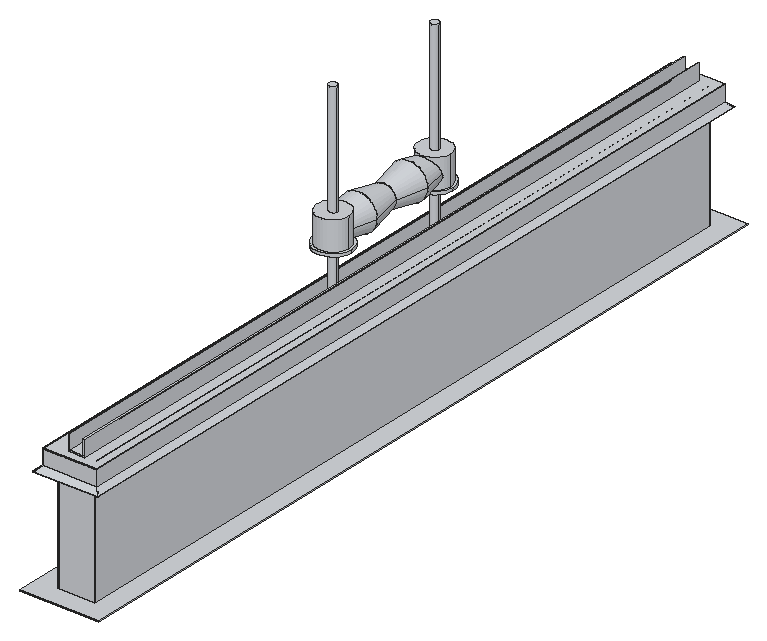
Revit family "UES-Pipe Roller", category Mechanical Equipment, Revit 2015
Parameters
  Width = 0' - 3 1/2"
  URL = "https://unitedenertech.com/catalog/pdf/M_8%20UES-1,%202,%203-PR.pdf"
  Type Comments = "Consult Factory for Max. Sizes"
  Pipe Height (From UES Top to Pipe Center) = 0' - 10"
  Pipe Diameter = 0' - 6"
  Model = "UES-Pipe Roller"
  Manufacturer = "United Enertech Corporation"
  Length = 6' - 0.67726"
  Keynote = "Shown as UES-3, Flat Roof Model. Consult Factory for Other Curb Type and Slope Option Models."
  Height (12" Standard) = 1' - 0"
  Description = "Equipment Support"
  Cap Width [instance] = Width + 0' 1 1/2"  # 0' - 5"
  Cap Length [instance] = Length + 0' 1 1/2"  # 6' - 2.17726"
Reference planes (in)
  plane 1 "Center (Front/Back)": y = 0
  plane 2: z = 0
  plane 3 "Center (Left/Right)": x = 0
  plane 4: x = -1.75
  plane 5: x = 1.75
  plane 6: x = -1.7022
  plane 7: x = 1.7022
  plane 8: x = -3.75
  plane 9: x = 3.75
  plane 10: y = -36.33863
  plane 11: y = -72.67726
  plane 12: y = -72.62946
  plane 13: y = -0.0478
  plane 14: y = 2
  plane 15: y = -74.67726
  plane 16: z = 0.0478
  plane 17: z = 10.4522
  plane 18: z = 10.4044
  plane 19: z = 11.9522
  plane 20: z = 12
  plane 21: z = 13.5
  plane 22: z = 12.125
  plane 23: x = -0.75
  plane 24: x = 0.75
  plane 25: x = -0.625
  plane 26: x = 0.625
  plane 27: y = -33.33863
  plane 28: y = -39.33863
  plane 29: z = 22
  plane 30: z = 19
  plane 31: z = 25
  plane 32: y = -42.33863
  plane 33: y = -30.33863
  plane 34: z = 30
  plane 35: z = 16.375
  plane 36: z = 19.375
  plane 37: z = 16.625
Forms (in)
  Extrusion 1, solid
    sketch origin (0, 0, 0) x (1, 0, 0) y (0, 1, 0)
      loop
        line (-3.75, -74.67726) -> (3.75, -74.67726) -> (3.75, 2) -> (-3.75, 2) -> (-3.75, -74.67726)
    from 0 to 0.0478
  Extrusion 2, solid
    sketch origin (0, 0, 0) x (1, 0, 0) y (0, 0, 1)
      loop
        line (-1.75, 0.0478) -> (-1.7022, 0.0478) -> (-1.7022, 10.4044) -> (1.7022, 10.4044) -> (1.7022, 0.0478) -> (1.75, 0.0478) -> (1.75, 10.4522) -> (-1.75, 10.4522) -> (-1.75, 0.0478)
    from 0.0478 to 72.62946
  Extrusion 3, solid
    sketch origin (0, 0, 0) x (0, 1, 0) y (0, 0, 1)
      loop
        line (0, 0.0478) -> (0, 10.4522) -> (-0.0478, 10.4522) -> (-0.0478, 0.0478) -> (0, 0.0478)
    from -1.75 to 1.75
  Extrusion 4, solid
    sketch origin (0, -48, 0) x (0, -1, 0) y (0, 0, -1)
      loop
        line (24.67726, -0.0478) -> (24.62946, -0.0478) -> (24.62946, -10.4522) -> (24.67726, -10.4522) -> (24.67726, -0.0478)
    from -1.75 to 1.75
  Extrusion 5, solid, material "Wood (Oak)"
    sketch origin (0, 0, 0) x (1, 0, 0) y (0, 0, 1)
      loop
        line (-1.75, 10.4522) -> (1.75, 10.4522) -> (1.75, 11.9522) -> (-1.75, 11.9522) -> (-1.75, 10.4522)
    from 0 to 72.67726
  Extrusion 6, solid
    sketch origin (0, 0, 0) x (1, 0, 0) y (0, 0, 1)
      loop
        line (-0.75, 13.5) -> (-0.75, 12) -> (0.75, 12) -> (0.75, 13.5) -> (0.625, 13.5) -> (0.625, 12.125) -> (-0.625, 12.125) -> (-0.625, 13.5) -> (-0.75, 13.5)
    from 0 to 72.67726
  Extrusion 7, solid
    sketch origin (0, 0, 0) x (1, 0, 0) y (0, 1, 0)
      loop
        circle (0, -42.33863) r 0.375
    from 12 to 30
  Extrusion 8, solid
    sketch origin (0, 0, 0) x (1, 0, 0) y (0, 1, 0)
      loop
        circle (0, -30.33863) r 0.375
    from 12 to 30
  Extrusion 9, solid
    sketch origin (0, 0, 0) x (1, 0, 0) y (0, 1, 0)
      loop
        circle (0, -30.33863) r 1.5
    from 16.625 to 19.375
  Extrusion 10, solid
    sketch origin (0, 0, 0) x (1, 0, 0) y (0, 1, 0)
      loop
        circle (0, -30.33863) r 1.75
    from 16.625 to 16.375
  Extrusion 11, solid
    sketch origin (0, 0, 0) x (1, 0, 0) y (0, 1, 0)
      loop
        circle (0, -42.33863) r 1.5
    from 16.625 to 19.375
  Extrusion 12, solid
    sketch origin (0, 0, 0) x (1, 0, 0) y (0, 1, 0)
      loop
        circle (0, -42.33863) r 1.75
    from 16.625 to 16.375
  Blend 13, solid
    base sketch origin (0, 0, 0) x (1, 0, 0) y (0, 0, 1)
      loop
        circle (0, 17.875) r 1.125
    top sketch origin (0, 0, 0) x (1, 0, 0) y (0, 0, 1)
      loop
        circle (0, 17.875) r 1.75
    from 36.33863 to 33.33863
  Blend 14, solid
    base sketch origin (0, 0, 0) x (1, 0, 0) y (0, 0, 1)
      loop
        circle (0, 17.875) r 1.125
    top sketch origin (0, 0, 0) x (1, 0, 0) y (0, 0, 1)
      loop
        circle (0, 17.875) r 1.75
    from 36.33863 to 39.33863
  Blend 15, solid
    base sketch origin (0, 0, 0) x (1, 0, 0) y (0, 0, 1)
      loop
        circle (0, 17.875) r 1.125
    top sketch origin (0, 0, 0) x (1, 0, 0) y (0, 0, 1)
      loop
        circle (0, 17.875) r 1.75
    from 30.33863 to 33.33863
  Blend 16, solid
    base sketch origin (0, 0, 0) x (1, 0, 0) y (0, 0, 1)
      loop
        circle (0, 17.875) r 1.125
    top sketch origin (0, 0, 0) x (1, 0, 0) y (0, 0, 1)
      loop
        circle (0, 17.875) r 1.75
    from 42.33863 to 39.33863
Dimensions and locks (in)
  equal spacing: plane 4, plane 3 "Center (Left/Right)", plane 5
  "Width": plane 4 to plane 5
  locked: plane 4 to plane 6 at 0.0478
  locked: plane 7 to plane 5 at 0.0478
  locked: plane 8 to plane 4 at 2
  locked: plane 5 to plane 9 at 2
  equal spacing: plane 1 "Center (Front/Back)", plane 10, plane 11
  "Length": plane 1 "Center (Front/Back)" to plane 11
  locked: plane 12 to plane 11 at 0.0478
  locked: plane 1 "Center (Front/Back)" to plane 13 at 0.0478
  locked: plane 1 "Center (Front/Back)" to plane 14 at 2
  locked: plane 15 to plane 11 at 2
  locked: plane 16 to level at 0.0478
  plane 17 to plane 18 = 0' - 0.0478"
  locked: plane 19 to plane 17 at 1.5
  locked: plane 20 to plane 19 at 0.0478
  "Height (12" Standard)": plane 20 to level
  locked: plane 21 to plane 20 at 1.5
  locked: plane 22 to plane 20 at 0.125
  equal spacing: plane 23, plane 3 "Center (Left/Right)", plane 24
  locked: plane 23 to plane 24 at 1.5
  locked: plane 23 to plane 25 at 0.125
  locked: plane 24 to plane 26 at 0.125
  equal spacing: plane 27, plane 10, plane 28
  "Pipe Diameter": plane 27 to plane 28
  equal spacing: plane 31, plane 29, plane 30
  "Pipe Diameter": plane 31 to plane 30
  "Pipe Height (From UES Top to Pipe Center)": plane 29 to plane 20
  locked: plane 28 to plane 32 at 3
  locked: plane 33 to plane 27 at 3
  locked: plane 34 to plane 20 at 18
  locked: plane 35 to plane 37 at 0.25
  locked: plane 37 to plane 36 at 2.75
  locked: plane 30 to plane 36 at 0.375
  aligned and locked: level to plane 2
  aligned and locked: plane 14 to Extrusion 1 sketch curve
  aligned and locked: Extrusion 1 sketch curve to plane 8
  aligned and locked: Extrusion 1 sketch curve to plane 9
  aligned and locked: plane 15 to Extrusion 1 sketch curve
  aligned and locked: plane 16 to Extrusion 1
  aligned and locked: Extrusion 1 to level
  aligned and locked: plane 17 to Extrusion 2 sketch curve
  aligned and locked: Extrusion 2 sketch curve to plane 18
  aligned and locked: Extrusion 2 sketch curve to plane 4
  aligned and locked: Extrusion 2 sketch curve to plane 16  (x2)
  aligned and locked: plane 6 to Extrusion 2 sketch curve
  aligned and locked: Extrusion 2 sketch curve to plane 7
  aligned and locked: plane 5 to Extrusion 2 sketch curve
  aligned and locked: Extrusion 3 sketch curve to plane 1 "Center (Front/Back)"
  aligned and locked: plane 17 to Extrusion 3 sketch curve
  aligned and locked: Extrusion 3 sketch curve to plane 13
  aligned and locked: Extrusion 3 sketch curve to plane 16
  aligned and locked: Extrusion 4 sketch curve to plane 17
  aligned and locked: Extrusion 4 sketch curve to plane 12
  aligned and locked: plane 11 to Extrusion 4 sketch curve
  aligned and locked: plane 16 to Extrusion 4 sketch curve
  aligned and locked: plane 4 to Extrusion 4
  aligned and locked: Extrusion 4 to plane 5
  aligned and locked: Extrusion 3 to plane 4
  aligned and locked: plane 5 to Extrusion 3
  aligned and locked: plane 13 to Extrusion 2
  aligned and locked: Extrusion 2 to plane 12
  aligned and locked: plane 19 to Extrusion 5 sketch curve
  aligned and locked: Extrusion 5 sketch curve to plane 4
  aligned and locked: plane 5 to Extrusion 5 sketch curve
  aligned and locked: Extrusion 5 sketch curve to plane 17
  aligned and locked: Extrusion 5 to plane 1 "Center (Front/Back)"
  aligned and locked: Extrusion 5 to plane 11
  aligned and locked: nested 1 to plane 10
  aligned and locked: nested 1 to plane 3 "Center (Left/Right)"
  aligned and locked: plane 20 to nested 1
  aligned and locked: plane 23 to Extrusion 6 sketch curve
  aligned and locked: plane 21 to Extrusion 6 sketch curve  (x2)
  aligned and locked: Extrusion 6 sketch curve to plane 24
  aligned and locked: Extrusion 6 sketch curve to plane 20
  aligned and locked: plane 22 to Extrusion 6 sketch curve
  aligned and locked: Extrusion 6 sketch curve to plane 25
  aligned and locked: Extrusion 6 sketch curve to plane 26
  aligned and locked: Extrusion 6 to plane 1 "Center (Front/Back)"
  aligned and locked: Extrusion 6 to plane 11
  aligned and locked: Extrusion 8 to plane 20
  aligned and locked: Extrusion 7 to plane 20
  aligned and locked: plane 34 to Extrusion 8
  aligned and locked: plane 34 to Extrusion 7
  aligned and locked: plane 35 to Extrusion 10
  aligned and locked: Extrusion 10 to plane 37
  aligned and locked: plane 37 to Extrusion 9
  aligned and locked: Extrusion 9 to plane 36
  aligned and locked: Extrusion 11 to plane 36
  aligned and locked: plane 37 to Extrusion 11
  aligned and locked: Extrusion 12 to plane 37
  aligned and locked: plane 35 to Extrusion 12
  aligned and locked: Blend 13 to plane 10
  aligned and locked: plane 27 to Blend 13
  aligned and locked: Blend 14 to plane 28
  aligned and locked: plane 10 to Blend 14
  aligned and locked: plane 33 to Blend 15
  aligned and locked: Blend 15 to plane 27
  aligned and locked: plane 32 to Blend 16
  aligned and locked: plane 28 to Blend 16
Automatic sketch dimensions
  Extrusion 7 sketch curve to plane 3 "Center (Left/Right)" = 0' - 0"
  plane 32 to Extrusion 7 sketch curve = 0' - 0"
  Extrusion 8 sketch curve to plane 3 "Center (Left/Right)" = 0' - 0"
  Extrusion 8 sketch curve to plane 33 = 0' - 0"
  Extrusion 9 sketch curve to plane 3 "Center (Left/Right)" = 0' - 0"
  Extrusion 9 sketch curve to plane 33 = 0' - 0"
  Extrusion 10 sketch curve to plane 3 "Center (Left/Right)" = 0' - 0"
  Extrusion 10 sketch curve to plane 33 = 0' - 0"
  Extrusion 11 sketch curve to plane 3 "Center (Left/Right)" = 0' - 0"
  plane 32 to Extrusion 11 sketch curve = 0' - 0"
  Extrusion 12 sketch curve to plane 3 "Center (Left/Right)" = 0' - 0"
  plane 32 to Extrusion 12 sketch curve = 0' - 0"
  Blend 13 sketch curve to plane 3 "Center (Left/Right)" = 0' - 0"  (x2)
  Blend 13 sketch curve to plane 30 = 0' - 1 1/8"  (x2)
  Blend 14 sketch curve to plane 3 "Center (Left/Right)" = 0' - 0"  (x2)
  Blend 14 sketch curve to plane 30 = 0' - 1 1/8"  (x2)
  Blend 15 sketch curve to plane 3 "Center (Left/Right)" = 0' - 0"  (x2)
  Blend 15 sketch curve to plane 30 = 0' - 1 1/8"  (x2)
  Blend 16 sketch curve to plane 3 "Center (Left/Right)" = 0' - 0"  (x2)
  Blend 16 sketch curve to plane 30 = 0' - 1 1/8"  (x2)
  radius of Extrusion 7 sketch curve = 0' - 0 3/8"
  radius of Extrusion 8 sketch curve = 0' - 0 3/8"
  radius of Extrusion 9 sketch curve = 0' - 1 1/2"
  radius of Extrusion 10 sketch curve = 0' - 1 3/4"
  radius of Extrusion 11 sketch curve = 0' - 1 1/2"
  radius of Extrusion 12 sketch curve = 0' - 1 3/4"
  radius of Blend 13 sketch curve = 0' - 1 1/8"
  radius of Blend 13 sketch curve = 0' - 1 3/4"
  radius of Blend 14 sketch curve = 0' - 1 1/8"
  radius of Blend 14 sketch curve = 0' - 1 3/4"
  radius of Blend 15 sketch curve = 0' - 1 1/8"
  radius of Blend 15 sketch curve = 0' - 1 3/4"
  radius of Blend 16 sketch curve = 0' - 1 1/8"
  radius of Blend 16 sketch curve = 0' - 1 3/4"
Nested families (in)
  nested 1: "Rail Cap" at (0, -36.33863, 10), type "Rail Cap"
    with B Side Base I.D. 6' - 2.17726", A Side Base I.D. 0' - 5"
Definition of nested family "Rail Cap"
  Parameters (values of type "Rail Cap")
    URL = ""
    Type Comments = ""
    Model = ""
    Manufacturer = ""
    Description = ""
    B Side Base I.D. = 3' - 0"
    A Side Base I.D. = 3' - 0"
  Reference planes (in)
    plane 1 "Center (Front/Back)": y = 0
    plane 2: z = 0
    plane 3 "Center (Left/Right)": x = 0
    plane 4: x = -18
    plane 5: x = 18
    plane 6: y = -18
    plane 7: y = 18
    plane 8: x = -18.0478
    plane 9: y = -18.0478
    plane 10: x = 18.0478
    plane 11: y = 18.0478
    plane 12: z = 2
    plane 13: z = 0.5
    plane 14: z = 1.9522
    plane 15: x = -18.5478
    plane 16: y = -18.5478
    plane 17: x = 18.5478
    plane 18: y = 18.5478
    plane 19: z = 1.5772
    plane 20: y = 19.0478
    plane 21: y = -19.0478
    plane 22: x = -19.0478
    plane 23: x = 19.0478
  Forms (in)
    Extrusion 1, solid
      sketch origin (0, 0, 0) x (1, 0, 0) y (0, 0, 1)
        loop
          line (-18.54622, 0.00144) -> (-18, 0.5) -> (-18, 1.9522) -> (-18.0478, 1.9522) -> (-18.0478, 0.51984) -> (-18.5794, 0.03462) -> (-18.54622, 0.00144)
      from -18.5478 to 18.5478
    Extrusion 2, solid
      sketch origin (0, 0, 0) x (-1, 0, 0) y (0, 0, -1)
        loop
          line (-18.54622, -0.00144) -> (-18.5794, -0.03462) -> (-18.0478, -0.51984) -> (-18.0478, -1.9522) -> (-18, -1.9522) -> (-18, -0.5) -> (-18.54622, -0.00144)
      from -18.5478 to 18.5478
    Extrusion 3, solid
      sketch origin (0, 0, 0) x (0, 1, 0) y (0, 0, 1)
        loop
          line (-18, 1.9522) -> (-18.0478, 1.9522) -> (-18.0478, 0.51988) -> (-18.58098, 0.03462) -> (-18.5478, 0.00144) -> (-18, 0.5) -> (-18, 1.9522)
      from -18.5478 to 18.5478
    Extrusion 4, solid
      sketch origin (0, 0, 0) x (0, -1, 0) y (0, 0, -1)
        loop
          line (-18, -1.9522) -> (-18, -0.5) -> (-18.5478, -0.00144) -> (-18.58098, -0.03462) -> (-18.0478, -0.51988) -> (-18.0478, -1.9522) -> (-18, -1.9522)
      from -18.5478 to 18.5478
    Extrusion 5, void
      sketch origin (-93.15685, -31.93875, 0) x (1, 0, 0) y (0, 1, 0)
        loop
          line (106.5478, 18.5478) -> (112.20465, 12.89095) -> (112.20465, 18.5478) -> (106.5478, 18.5478)
      from -1.29054 to 3.19849
    Extrusion 6, void
      sketch origin (-125.5956, 0.5, 0) x (1, 0, 0) y (0, 1, 0)
        loop
          line (106.5478, 18.5478) -> (112.20465, 12.89095) -> (112.20465, 18.5478) -> (106.5478, 18.5478)
      from -3.18066 to 4.14355
    Extrusion 7, void
      sketch origin (-109.38054, -28.0092, 0) x (1, 0, 0) y (0, 1, 0)
        loop
          line (117.42834, 19.9614) -> (117.42834, 8.9614) -> (128.42834, 8.9614) -> (117.42834, 19.9614)
      from -1.13303 to 3.27725
    Extrusion 8, void
      sketch origin (-136.47614, -0.9136, 0) x (1, 0, 0) y (0, 1, 0)
        loop
          line (117.42834, 19.9614) -> (117.42834, 8.9614) -> (128.42834, 8.9614) -> (117.42834, 19.9614)
      from -1.68432 to 3.74977
    Extrusion 9, void
      sketch origin (-121.30312, -30.02453, 0) x (1, 0, 0) y (0, 1, 0)
        loop
          line (109.32639, 18.0478) -> (102.25532, 18.0478) -> (102.25532, 10.97673) -> (109.32639, 18.0478)
      from -1.13303 to 3.59226
    Extrusion 10, void
      sketch origin (-90.27859, 1, 0) x (1, 0, 0) y (0, 1, 0)
        loop
          line (109.32639, 18.0478) -> (102.25532, 18.0478) -> (102.25532, 10.97673) -> (109.32639, 18.0478)
      from -1.44805 to 3.51351
    Extrusion 11, void
      sketch origin (-116.53283, -32.26123, 0) x (1, 0, 0) y (0, 1, 0)
        loop
          line (105.97031, 21.69871) -> (97.48503, 13.21343) -> (105.97031, 13.21343) -> (105.97031, 21.69871)
      from -1.3693 to 3.82853
    Extrusion 12, void
      sketch origin (-86.92251, -2.65091, 0) x (1, 0, 0) y (0, 1, 0)
        loop
          line (105.97031, 21.69871) -> (97.48503, 13.21343) -> (105.97031, 13.21343) -> (105.97031, 21.69871)
      from -0.97552 to 3.04098
    Extrusion 13, solid
      sketch origin (0, 0, 0) x (1, 0, 0) y (0, 1, 0)
        loop
          line (-18.0478, -18.0478) -> (18.0478, -18.0478) -> (18.0478, 18.0478) -> (-18.0478, 18.0478) -> (-18.0478, -18.0478)
      from 1.9522 to 2
  Cuts and joins
    Extrusion 6, Extrusion 11 cuts Extrusion 1
    Extrusion 5, Extrusion 9 cuts Extrusion 3
    Extrusion 8, Extrusion 12 cuts Extrusion 4
    Extrusion 7, Extrusion 10 cuts Extrusion 2
  Dimensions and locks (in)
    equal spacing: plane 4, plane 3 "Center (Left/Right)", plane 5
    "A Side Base I.D.": plane 4 to plane 5
    equal spacing: plane 7, plane 1 "Center (Front/Back)", plane 6
    "B Side Base I.D.": plane 7 to plane 6
    locked: plane 6 to plane 9 at 0.0478
    locked: plane 11 to plane 7 at 0.0478
    locked: plane 8 to plane 4 at 0.0478
    locked: plane 5 to plane 10 at 0.0478
    locked: plane 12 to level at 2
    locked: plane 13 to level at 0.5
    locked: plane 12 to plane 14 at 0.0478
    locked: plane 9 to plane 16 at 0.5
    locked: plane 15 to plane 8 at 0.5
    locked: plane 11 to plane 18 at 0.5
    locked: plane 10 to plane 17 at 0.5
    locked: plane 14 to plane 19 at 0.375
    locked: plane 18 to plane 20 at 0.5
    locked: plane 21 to plane 16 at 0.5
    locked: plane 22 to plane 15 at 0.5
    locked: plane 17 to plane 23 at 0.5
    locked: Extrusion 5 sketch curve to Extrusion 5 sketch curve (angle 45.00°)  (x2)
    locked: Extrusion 6 sketch curve to Extrusion 6 sketch curve (angle 45.00°)  (x2)
    locked: Extrusion 7 sketch curve to Extrusion 7 sketch curve (angle 45.00°)  (x2)
    locked: Extrusion 8 sketch curve to Extrusion 8 sketch curve (angle 45.00°)  (x2)
    locked: Extrusion 9 sketch curve to Extrusion 9 sketch curve (angle 45.00°)  (x2)
    locked: Extrusion 10 sketch curve to Extrusion 10 sketch curve (angle 45.00°)  (x2)
    locked: Extrusion 11 sketch curve to Extrusion 11 sketch curve (angle 45.00°)  (x2)
    locked: Extrusion 12 sketch curve to Extrusion 12 sketch curve (angle 45.00°)  (x2)
    aligned and locked: level to plane 2
    aligned and locked: plane 4 to Extrusion 1 sketch curve
    aligned and locked: Extrusion 1 sketch curve to plane 8
    aligned and locked: plane 14 to Extrusion 1 sketch curve
    aligned and locked: plane 13 to Extrusion 1 sketch curve
    aligned and locked: Extrusion 2 sketch curve to plane 14
    aligned and locked: plane 5 to Extrusion 2 sketch curve
    aligned and locked: plane 10 to Extrusion 2 sketch curve
    aligned and locked: plane 13 to Extrusion 2 sketch curve
    aligned and locked: Extrusion 1 to plane 18
    aligned and locked: Extrusion 1 to plane 16
    aligned and locked: Extrusion 2 to plane 16
    aligned and locked: Extrusion 2 to plane 18
    aligned and locked: plane 16 to Extrusion 3 sketch curve
    aligned and locked: plane 6 to Extrusion 3 sketch curve  (x2)
    aligned and locked: plane 13 to Extrusion 3 sketch curve
    aligned and locked: plane 9 to Extrusion 3 sketch curve
    aligned and locked: Extrusion 3 sketch curve to plane 14
    aligned and locked: Extrusion 4 sketch curve to plane 11
    aligned and locked: plane 7 to Extrusion 4 sketch curve
    aligned and locked: plane 14 to Extrusion 4 sketch curve
    aligned and locked: plane 13 to Extrusion 4 sketch curve
    aligned and locked: plane 18 to Extrusion 4 sketch curve
    aligned and locked: Extrusion 3 to plane 15
    aligned and locked: Extrusion 3 to plane 17
    aligned and locked: Extrusion 4 to plane 17
    aligned and locked: Extrusion 4 to plane 15
    aligned and locked: plane 22 to Extrusion 6 sketch curve
    aligned and locked: plane 20 to Extrusion 6 sketch curve
    aligned and locked: plane 21 to Extrusion 5 sketch curve
    aligned and locked: plane 23 to Extrusion 5 sketch curve
    aligned and locked: plane 20 to Extrusion 8 sketch curve
    aligned and locked: plane 22 to Extrusion 8 sketch curve
    aligned and locked: plane 21 to Extrusion 7 sketch curve
    aligned and locked: plane 23 to Extrusion 7 sketch curve
    aligned and locked: plane 23 to Extrusion 10 sketch curve
    aligned and locked: plane 20 to Extrusion 10 sketch curve
    aligned and locked: plane 21 to Extrusion 9 sketch curve
    aligned and locked: Extrusion 9 sketch curve to plane 22
    aligned and locked: plane 20 to Extrusion 12 sketch curve
    aligned and locked: plane 23 to Extrusion 12 sketch curve
    aligned and locked: Extrusion 11 sketch curve to plane 22
    aligned and locked: plane 21 to Extrusion 11 sketch curve
    aligned and locked: Extrusion 13 sketch curve to plane 8
    aligned and locked: Extrusion 13 sketch curve to plane 11
    aligned and locked: Extrusion 13 sketch curve to plane 9
    aligned and locked: Extrusion 13 sketch curve to plane 10
    aligned and locked: Extrusion 13 to plane 14
    aligned and locked: plane 12 to Extrusion 13
  Automatic sketch dimensions
    plane 15 to Extrusion 1 sketch curve = 0' - 0.00158"
    Extrusion 1 sketch curve to plane 15 = 0' - 0.0316"
    level to Extrusion 1 sketch curve = 0' - 0.03462"
    level to Extrusion 1 sketch curve = 0' - 0.00144"
    plane 13 to Extrusion 1 sketch curve = 0' - 0.01984"
    Extrusion 2 sketch curve to plane 17 = 0' - 0.00158"
    plane 17 to Extrusion 2 sketch curve = 0' - 0.0316"
    Extrusion 2 sketch curve to level = 0' - 0.03462"
    Extrusion 2 sketch curve to level = 0' - 0.00144"
    Extrusion 2 sketch curve to plane 13 = 0' - 0.01984"
    Extrusion 3 sketch curve to plane 16 = 0' - 0.03318"
    level to Extrusion 3 sketch curve = 0' - 0.03462"
    level to Extrusion 3 sketch curve = 0' - 0.00144"
    plane 13 to Extrusion 3 sketch curve = 0' - 0.01988"
    plane 18 to Extrusion 4 sketch curve = 0' - 0.03318"
    Extrusion 4 sketch curve to level = 0' - 0.03462"
    Extrusion 4 sketch curve to level = 0' - 0.00144"
    Extrusion 4 sketch curve to plane 13 = 0' - 0.01988"
    Extrusion 5 sketch curve to plane 5 = 0' - 4.60905"
    plane 4 to Extrusion 6 sketch curve = 0' - 4.60905"
    plane 1 "Center (Front/Back)" to Extrusion 7 sketch curve = 0' - 8.0478"
    Extrusion 8 sketch curve to plane 1 "Center (Front/Back)" = 0' - 8.0478"
    plane 4 to Extrusion 9 sketch curve = 0' - 6.02327"
    Extrusion 10 sketch curve to plane 5 = 0' - 6.02327"
    Extrusion 11 sketch curve to Extrusion 11 sketch curve = 0' - 8.48528"
    Extrusion 12 sketch curve to plane 7 = 0' - 7 7/16"
